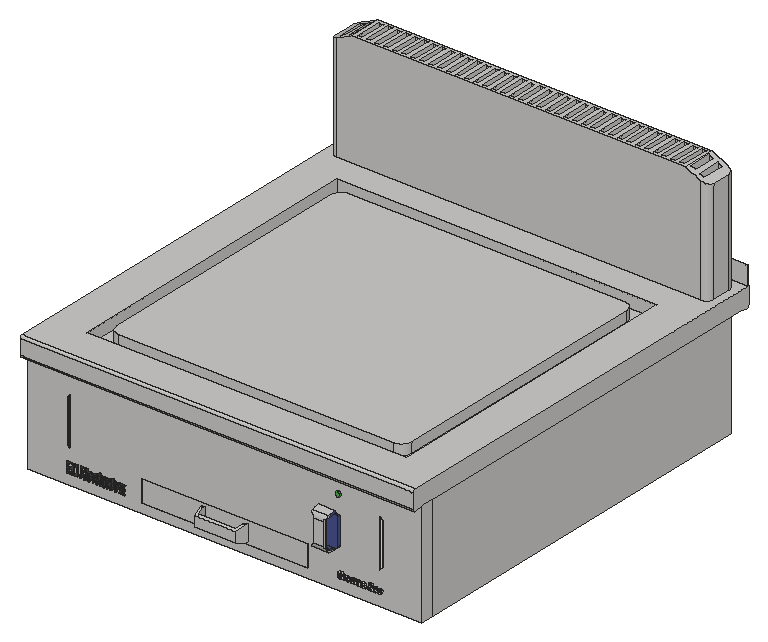
Revit family "QF_ELECTROLUXPROFESSIONAL_588504_MBLIBBHOPO", category Attrezzature speciali, Revit 2020
Family settings
  Quota connettore circolare = Usa diametro
  Tipo di parte = Normale
  Basato su piano di lavoro = No
  Sempre verticale = Sì
  Taglio con vuoti quando caricato = No
  Condiviso = No
  Punto di calcolo locali = No
Parameters (values of type "Standard")
  Weight = 120.00 kg
  Watts = 0 W
  Volts = 0 V
  URL Manufacturer = "https://www.electroluxprofessional.com/"
  URL = "https://www.electroluxprofessional.com/"
  Steam Supply Size = 0"
  Steam Supply Minimum Pressure = 0.00 psi
  Steam Supply Maximum Pressure = 0.00 psi
  Steam Consumption per Hour = 0
  Refrigeration Suction Line Size = 0 mm
  Refrigeration Liquid Line Size = 0 mm
  Refrigerant Compressor Remote = yes
  Prospetto di default = 0 mm
  Phase = 0
  Modello = "MBLIBBHOPO"
  Produttore = "Electrolux Professional"
  Length Actual = 800 mm  # constant formula
  Item Number = "588504"
  Hot Water Size = 0"
  Height Actual = 250 mm  # constant formula
  HP = "0 HP"
  Gas Size = 1/2"
  Gas KW = 10
  Gas Input Pressure = 0.336018 Btu/h
  Direct Waste Size = 0"
  Descrizione = "GAS FRENCH TOP,4 ZONE,1S,BS,800X850X250H"
  Depth Actual = 850 mm  # constant formula
  Cycle = 0 Hz
  Condensate Return Size = 0"
  Compressed Air Volume = 0 GPM
  Compressed Air Size = 0"
  Compressed Air Pressure = 0.00 psi
  Cold Water Size = 0"
  Accessory = yes
Reference planes
  plane 1 "BACK": y = 0
  plane 2: z = 0
  plane 3 "LEFT": x = 0
  plane 4 "RIGHT": x = 800
  plane 5 "FRONT": y = -850
  plane 6 "TOP": z = 900
  plane 7 "Center (Left/Right)": x = 400
  plane 8: y = -425
  plane 9: y = -150
  plane 10: x = 75
  plane 11: x = 725
  plane 12: y = -140
  plane 13: y = -775
  plane 14 "GasY": y = -540
  plane 15: z = 938
  plane 16 "BaseTop": z = 650
  plane 17: y = -805
  plane 18 "Camino": y = -50
  plane 19: x = 764
  plane 20: z = 1131
Forms (mm)
  Extrusion 1, solid, material "QF_Finishes_Stainless Steel"
    sketch origin (-178.969, -4572, 100) x (-1, 0, 0) y (0, -1, 0)
      loop
        line (-178.969, -4527) -> (-178.969, -3767) -> (-978.969, -3767) -> (-978.969, -4527) -> (-178.969, -4527)
    from 550 to 762.969
  Extrusion 2, solid, material "QF_Finishes_Stainless Steel"
    sketch origin (400, 296.4, 1219.2) x (0, 1, 0) y (0, 0, 1)
      loop
        line (-296.4, -319.2) -> (-1141.4, -319.2)
        arc (-1141.4, -319.2) -> (-1144.935, -320.664) -> (-1146.4, -324.2) r 5
        line (-1146.4, -324.2) -> (-1146.4, -355.2)
        arc (-1146.4, -355.2) -> (-1144.971, -358.264) -> (-1141.705, -359.139) r 4
        line (-1141.705, -359.139) -> (-1126.4, -356.231) -> (-316.4, -356.231) -> (-301.094, -359.139)
        arc (-301.094, -359.139) -> (-297.829, -358.264) -> (-296.4, -355.2) r 4
        line (-296.4, -355.2) -> (-296.4, -319.2)
    from -400 to 400
  Extrusion 3, solid, material "QF_Finishes_Stainless Steel"
    sketch origin (0, 0, 900) x (-1, 0, 0) y (0, -1, 0)
      loop
        arc (-120, 165) -> (-105.858, 170.858) -> (-100, 185) r 20
        line (-100, 185) -> (-100, 730)
        arc (-100, 730) -> (-105.858, 744.142) -> (-120, 750) r 20
        line (-120, 750) -> (-680, 750)
        arc (-680, 750) -> (-694.142, 744.142) -> (-700, 730) r 20
        line (-700, 730) -> (-700, 185)
        arc (-700, 185) -> (-694.142, 170.858) -> (-680, 165) r 20
        line (-680, 165) -> (-120, 165)
    from 0 to -20
  Extrusion 4, void
    sketch origin (0, 0, 900) x (-1, 0, 0) y (0, -1, 0)
      loop
        line (-75, 775) -> (-725, 775) -> (-725, 140) -> (-75, 140) -> (-75, 775)
    from 0 to -25
  Extrusion 5, solid, material "QF_Finishes_Stainless Steel"
    sketch origin (400, 296.4, 1219.2) x (0, 1, 0) y (0, 0, 1)
      loop
        line (-296.4, -319.2) -> (-296.4, -281.2) -> (-298.4, -281.2) -> (-298.4, -319.2) -> (-296.4, -319.2)
    from 400 to -400
  Extrusion 6, solid, material "QF_Finishes_Stainless Steel"
    sketch origin (0, -50, 0) x (1, 0, 0) y (0, 0, 1)
      loop
        line (15, 900) -> (785, 900) -> (785, 1109.869) -> (739.685, 1131) -> (60.315, 1131) -> (15, 1109.869) -> (15, 900)
    from 33 to -33
  Extrusion 7, void
    sketch origin (0, 0, 900) x (-1, 0, 0) y (0, -1, 0)
      loop
        line (-15, 83) -> (-30, 83)
        arc (-30, 83) -> (-19.393, 78.607) -> (-15, 68) r 15
        line (-15, 68) -> (-15, 83)
      loop
        line (-15, 17) -> (-15, 32)
        arc (-15, 32) -> (-19.393, 21.393) -> (-30, 17) r 15
        line (-30, 17) -> (-15, 17)
      loop
        line (-785, 83) -> (-785, 68)
        arc (-785, 68) -> (-780.607, 78.607) -> (-770, 83) r 15
        line (-770, 83) -> (-785, 83)
      loop
        line (-785, 17) -> (-770, 17)
        arc (-770, 17) -> (-780.607, 21.393) -> (-785, 32) r 15
        line (-785, 32) -> (-785, 17)
      loop
        line (-413.234, 23) -> (-413.234, 77) -> (-423.234, 77) -> (-423.234, 23) -> (-413.234, 23)
      loop
        line (-395, 23) -> (-395, 77) -> (-405, 77) -> (-405, 23) -> (-395, 23)
      loop
        line (-431.469, 23) -> (-431.469, 77) -> (-441.469, 77) -> (-441.469, 23) -> (-431.469, 23)
      loop
        line (-449.703, 23) -> (-449.703, 77) -> (-459.703, 77) -> (-459.703, 23) -> (-449.703, 23)
      loop
        line (-467.938, 23) -> (-467.938, 77) -> (-477.938, 77) -> (-477.938, 23) -> (-467.938, 23)
      loop
        line (-486.172, 23) -> (-486.172, 77) -> (-496.172, 77) -> (-496.172, 23) -> (-486.172, 23)
      loop
        line (-504.406, 23) -> (-504.406, 77) -> (-514.406, 77) -> (-514.406, 23) -> (-504.406, 23)
      loop
        line (-522.641, 23) -> (-522.641, 77) -> (-532.641, 77) -> (-532.641, 23) -> (-522.641, 23)
      loop
        line (-540.875, 23) -> (-540.875, 77) -> (-550.875, 77) -> (-550.875, 23) -> (-540.875, 23)
      loop
        line (-559.109, 23) -> (-559.109, 77) -> (-569.109, 77) -> (-569.109, 23) -> (-559.109, 23)
      loop
        line (-577.344, 23) -> (-577.344, 77) -> (-587.344, 77) -> (-587.344, 23) -> (-577.344, 23)
      loop
        line (-595.578, 23) -> (-595.578, 77) -> (-605.578, 77) -> (-605.578, 23) -> (-595.578, 23)
      loop
        line (-613.813, 23) -> (-613.813, 77) -> (-623.813, 77) -> (-623.813, 23) -> (-613.813, 23)
      loop
        line (-632.047, 23) -> (-632.047, 77) -> (-642.047, 77) -> (-642.047, 23) -> (-632.047, 23)
      loop
        line (-650.281, 23) -> (-650.281, 77) -> (-660.281, 77) -> (-660.281, 23) -> (-650.281, 23)
      loop
        line (-668.516, 23) -> (-668.516, 77) -> (-678.516, 77) -> (-678.516, 23) -> (-668.516, 23)
      loop
        line (-686.75, 23) -> (-686.75, 77) -> (-696.75, 77) -> (-696.75, 23) -> (-686.75, 23)
      loop
        line (-704.985, 23) -> (-704.985, 77) -> (-714.985, 77) -> (-714.985, 23) -> (-704.985, 23)
      loop
        line (-723.219, 23) -> (-723.219, 77) -> (-733.219, 77) -> (-733.219, 23) -> (-723.219, 23)
      loop
        line (-741.453, 26) -> (-741.453, 74) -> (-751.453, 74) -> (-751.453, 26) -> (-741.453, 26)
      loop
        line (-759.688, 26) -> (-759.688, 74) -> (-769.688, 74) -> (-769.688, 26) -> (-759.688, 26)
      loop
        line (-386.766, 23) -> (-376.766, 23) -> (-376.766, 77) -> (-386.766, 77) -> (-386.766, 23)
      loop
        line (-368.531, 23) -> (-358.531, 23) -> (-358.531, 77) -> (-368.531, 77) -> (-368.531, 23)
      loop
        line (-350.297, 23) -> (-340.297, 23) -> (-340.297, 77) -> (-350.297, 77) -> (-350.297, 23)
      loop
        line (-332.062, 23) -> (-322.062, 23) -> (-322.062, 77) -> (-332.062, 77) -> (-332.062, 23)
      loop
        line (-313.828, 23) -> (-303.828, 23) -> (-303.828, 77) -> (-313.828, 77) -> (-313.828, 23)
      loop
        line (-295.594, 23) -> (-285.594, 23) -> (-285.594, 77) -> (-295.594, 77) -> (-295.594, 23)
      loop
        line (-277.359, 23) -> (-267.359, 23) -> (-267.359, 77) -> (-277.359, 77) -> (-277.359, 23)
      loop
        line (-259.125, 23) -> (-249.125, 23) -> (-249.125, 77) -> (-259.125, 77) -> (-259.125, 23)
      loop
        line (-240.891, 23) -> (-230.891, 23) -> (-230.891, 77) -> (-240.891, 77) -> (-240.891, 23)
      loop
        line (-222.656, 23) -> (-212.656, 23) -> (-212.656, 77) -> (-222.656, 77) -> (-222.656, 23)
      loop
        line (-204.422, 23) -> (-194.422, 23) -> (-194.422, 77) -> (-204.422, 77) -> (-204.422, 23)
      loop
        line (-186.187, 23) -> (-176.187, 23) -> (-176.187, 77) -> (-186.187, 77) -> (-186.187, 23)
      loop
        line (-167.953, 23) -> (-157.953, 23) -> (-157.953, 77) -> (-167.953, 77) -> (-167.953, 23)
      loop
        line (-149.719, 23) -> (-139.719, 23) -> (-139.719, 77) -> (-149.719, 77) -> (-149.719, 23)
      loop
        line (-131.484, 23) -> (-121.484, 23) -> (-121.484, 77) -> (-131.484, 77) -> (-131.484, 23)
      loop
        line (-113.25, 23) -> (-103.25, 23) -> (-103.25, 77) -> (-113.25, 77) -> (-113.25, 23)
      loop
        line (-95.015, 23) -> (-85.015, 23) -> (-85.015, 77) -> (-95.015, 77) -> (-95.015, 23)
      loop
        line (-76.781, 23) -> (-66.781, 23) -> (-66.781, 77) -> (-76.781, 77) -> (-76.781, 23)
      loop
        line (-58.547, 26) -> (-48.547, 26) -> (-48.547, 74) -> (-58.547, 74) -> (-58.547, 26)
      loop
        line (-40.312, 26) -> (-30.312, 26) -> (-30.312, 74) -> (-40.312, 74) -> (-40.312, 26)
    from 231 to 0
  Extrusion 8, solid, material "QF_Finishes_Stainless Steel"
    sketch origin (0, 0, 650) x (-1, 0, 0) y (0, -1, 0)
      loop
        circle (-764, 540) r 10.1
    from 0 to -10
Cuts and joins
  Extrusion 4 cuts Extrusion 2
  Extrusion 7 cuts Extrusion 6
Lines and regions (mm)
  symbolic lines
    curve 1: line (0, 0, 100) -> (800, 0, 100)
    curve 2: line (0, -850, 100) -> (0, 0, 100)
    curve 3: line (800, -850, 100) -> (0, -850, 100)
    curve 4: line (800, 0, 100) -> (800, -850, 100)
    curve 5: line (75, -775, 0) -> (725, -775, 0)
    curve 6: line (725, -775, 0) -> (725, -140, 0)
    curve 7: line (725, -140, 0) -> (75, -140, 0)
    curve 8: line (75, -140, 0) -> (75, -775, 0)
    curve 9: line (0, -2, 0) -> (800, -2, 0)
    curve 13: line (30, -83, 650) -> (770, -83, 650)
    curve 14: line (770, -17, 650) -> (30, -17, 650)
    curve 15: arc (15, -32, 650) -> (19.393, -21.393, 650) -> (30, -17, 650) r 15
    curve 16: line (15, -32, 650) -> (15, -68, 650)
    curve 17: arc (30, -83, 650) -> (19.393, -78.607, 650) -> (15, -68, 650) r 15
    curve 18: arc (785, -68, 650) -> (780.607, -78.607, 650) -> (770, -83, 650) r 15
    curve 19: line (785, -68, 650) -> (785, -32, 650)
    curve 20: arc (770, -17, 650) -> (780.607, -21.393, 650) -> (785, -32, 650) r 15
    curve 21: line (30.312, -26, 650) -> (30.312, -74, 650)
    curve 22: line (40.312, -26, 650) -> (30.312, -26, 650)
    curve 23: line (30.312, -74, 650) -> (40.312, -74, 650)
    curve 24: line (40.312, -74, 650) -> (40.312, -26, 650)
    curve 25: line (48.547, -74, 650) -> (58.547, -74, 650)
    curve 26: line (48.547, -26, 650) -> (48.547, -74, 650)
    curve 27: line (58.547, -26, 650) -> (48.547, -26, 650)
    curve 28: line (58.547, -74, 650) -> (58.547, -26, 650)
    curve 29: line (66.781, -23, 650) -> (66.781, -77, 650)
    curve 30: line (66.781, -23, 650) -> (76.781, -23, 650)
    curve 31: line (76.781, -23, 650) -> (76.781, -77, 650)
    curve 32: line (76.781, -77, 650) -> (66.781, -77, 650)
    curve 33: line (85.015, -23, 650) -> (85.015, -77, 650)
    curve 34: line (85.015, -23, 650) -> (95.015, -23, 650)
    curve 35: line (95.015, -23, 650) -> (95.015, -77, 650)
    curve 36: line (95.015, -77, 650) -> (85.015, -77, 650)
    curve 37: line (103.25, -23, 650) -> (103.25, -77, 650)
    curve 38: line (103.25, -23, 650) -> (113.25, -23, 650)
    curve 39: line (113.25, -23, 650) -> (113.25, -77, 650)
    curve 40: line (113.25, -77, 650) -> (103.25, -77, 650)
    curve 41: line (121.484, -23, 650) -> (121.484, -77, 650)
    curve 42: line (121.484, -23, 650) -> (131.484, -23, 650)
    curve 43: line (131.484, -23, 650) -> (131.484, -77, 650)
    curve 44: line (131.484, -77, 650) -> (121.484, -77, 650)
    curve 45: line (139.719, -23, 650) -> (139.719, -77, 650)
    curve 46: line (139.719, -23, 650) -> (149.719, -23, 650)
    curve 47: line (149.719, -23, 650) -> (149.719, -77, 650)
    curve 48: line (149.719, -77, 650) -> (139.719, -77, 650)
    curve 49: line (157.953, -23, 650) -> (157.953, -77, 650)
    curve 50: line (157.953, -23, 650) -> (167.953, -23, 650)
    curve 51: line (167.953, -23, 650) -> (167.953, -77, 650)
    curve 52: line (167.953, -77, 650) -> (157.953, -77, 650)
    curve 53: line (176.187, -23, 650) -> (176.187, -77, 650)
    curve 54: line (176.187, -23, 650) -> (186.187, -23, 650)
    curve 55: line (186.187, -23, 650) -> (186.187, -77, 650)
    curve 56: line (186.187, -77, 650) -> (176.187, -77, 650)
    curve 57: line (194.422, -23, 650) -> (194.422, -77, 650)
    curve 58: line (194.422, -23, 650) -> (204.422, -23, 650)
    curve 59: line (204.422, -23, 650) -> (204.422, -77, 650)
    curve 60: line (204.422, -77, 650) -> (194.422, -77, 650)
    curve 61: line (212.656, -23, 650) -> (212.656, -77, 650)
    curve 62: line (212.656, -23, 650) -> (222.656, -23, 650)
    curve 63: line (222.656, -23, 650) -> (222.656, -77, 650)
    curve 64: line (222.656, -77, 650) -> (212.656, -77, 650)
    curve 65: line (230.891, -23, 650) -> (230.891, -77, 650)
    curve 66: line (230.891, -23, 650) -> (240.891, -23, 650)
    curve 67: line (240.891, -23, 650) -> (240.891, -77, 650)
    curve 68: line (240.891, -77, 650) -> (230.891, -77, 650)
    curve 69: line (249.125, -23, 650) -> (249.125, -77, 650)
    curve 70: line (249.125, -23, 650) -> (259.125, -23, 650)
    curve 71: line (259.125, -23, 650) -> (259.125, -77, 650)
    curve 72: line (259.125, -77, 650) -> (249.125, -77, 650)
    curve 73: line (267.359, -23, 650) -> (267.359, -77, 650)
    curve 74: line (267.359, -23, 650) -> (277.359, -23, 650)
    curve 75: line (277.359, -23, 650) -> (277.359, -77, 650)
    curve 76: line (277.359, -77, 650) -> (267.359, -77, 650)
    curve 77: line (285.594, -23, 650) -> (285.594, -77, 650)
    curve 78: line (285.594, -23, 650) -> (295.594, -23, 650)
    curve 79: line (295.594, -23, 650) -> (295.594, -77, 650)
    curve 80: line (295.594, -77, 650) -> (285.594, -77, 650)
    curve 81: line (303.828, -23, 650) -> (303.828, -77, 650)
    curve 82: line (303.828, -23, 650) -> (313.828, -23, 650)
    curve 83: line (313.828, -23, 650) -> (313.828, -77, 650)
    curve 84: line (313.828, -77, 650) -> (303.828, -77, 650)
    curve 85: line (322.062, -23, 650) -> (322.062, -77, 650)
    curve 86: line (322.062, -23, 650) -> (332.062, -23, 650)
    curve 87: line (332.062, -23, 650) -> (332.062, -77, 650)
    curve 88: line (332.062, -77, 650) -> (322.062, -77, 650)
    curve 89: line (340.297, -23, 650) -> (340.297, -77, 650)
    curve 90: line (340.297, -23, 650) -> (350.297, -23, 650)
    curve 91: line (350.297, -23, 650) -> (350.297, -77, 650)
    curve 92: line (350.297, -77, 650) -> (340.297, -77, 650)
    curve 93: line (358.531, -23, 650) -> (358.531, -77, 650)
    curve 94: line (358.531, -23, 650) -> (368.531, -23, 650)
    curve 95: line (368.531, -23, 650) -> (368.531, -77, 650)
    curve 96: line (368.531, -77, 650) -> (358.531, -77, 650)
    curve 97: line (376.766, -23, 650) -> (376.766, -77, 650)
    curve 98: line (376.766, -23, 650) -> (386.766, -23, 650)
    curve 99: line (386.766, -23, 650) -> (386.766, -77, 650)
    curve 100: line (386.766, -77, 650) -> (376.766, -77, 650)
    curve 101: line (395, -23, 650) -> (395, -77, 650)
    curve 102: line (395, -23, 650) -> (405, -23, 650)
    curve 103: line (405, -23, 650) -> (405, -77, 650)
    curve 104: line (405, -77, 650) -> (395, -77, 650)
    curve 105: line (413.234, -23, 650) -> (413.234, -77, 650)
    curve 106: line (413.234, -23, 650) -> (423.234, -23, 650)
    curve 107: line (423.234, -23, 650) -> (423.234, -77, 650)
    curve 108: line (423.234, -77, 650) -> (413.234, -77, 650)
    curve 109: line (431.469, -23, 650) -> (431.469, -77, 650)
    curve 110: line (431.469, -23, 650) -> (441.469, -23, 650)
    curve 111: line (441.469, -23, 650) -> (441.469, -77, 650)
    curve 112: line (441.469, -77, 650) -> (431.469, -77, 650)
    curve 113: line (449.703, -23, 650) -> (449.703, -77, 650)
    curve 114: line (449.703, -23, 650) -> (459.703, -23, 650)
    curve 115: line (459.703, -23, 650) -> (459.703, -77, 650)
    curve 116: line (459.703, -77, 650) -> (449.703, -77, 650)
    curve 117: line (467.938, -23, 650) -> (467.938, -77, 650)
    curve 118: line (467.938, -23, 650) -> (477.938, -23, 650)
    curve 119: line (477.938, -23, 650) -> (477.938, -77, 650)
    curve 120: line (477.938, -77, 650) -> (467.938, -77, 650)
    curve 121: line (486.172, -23, 650) -> (486.172, -77, 650)
    curve 122: line (486.172, -23, 650) -> (496.172, -23, 650)
    curve 123: line (496.172, -23, 650) -> (496.172, -77, 650)
    curve 124: line (496.172, -77, 650) -> (486.172, -77, 650)
    curve 125: line (504.406, -23, 650) -> (504.406, -77, 650)
    curve 126: line (504.406, -23, 650) -> (514.406, -23, 650)
    curve 127: line (514.406, -23, 650) -> (514.406, -77, 650)
    curve 128: line (514.406, -77, 650) -> (504.406, -77, 650)
    curve 129: line (522.641, -23, 650) -> (522.641, -77, 650)
    curve 130: line (522.641, -23, 650) -> (532.641, -23, 650)
    curve 131: line (532.641, -23, 650) -> (532.641, -77, 650)
    curve 132: line (532.641, -77, 650) -> (522.641, -77, 650)
    curve 133: line (540.875, -23, 650) -> (540.875, -77, 650)
    curve 134: line (540.875, -23, 650) -> (550.875, -23, 650)
    curve 135: line (550.875, -23, 650) -> (550.875, -77, 650)
    curve 136: line (550.875, -77, 650) -> (540.875, -77, 650)
    curve 137: line (559.109, -23, 650) -> (559.109, -77, 650)
    curve 138: line (559.109, -23, 650) -> (569.109, -23, 650)
    curve 139: line (569.109, -23, 650) -> (569.109, -77, 650)
    curve 140: line (569.109, -77, 650) -> (559.109, -77, 650)
    curve 141: line (577.344, -23, 650) -> (577.344, -77, 650)
    curve 142: line (577.344, -23, 650) -> (587.344, -23, 650)
    curve 143: line (587.344, -23, 650) -> (587.344, -77, 650)
    curve 144: line (587.344, -77, 650) -> (577.344, -77, 650)
    curve 145: line (595.578, -23, 650) -> (595.578, -77, 650)
    curve 146: line (595.578, -23, 650) -> (605.578, -23, 650)
    curve 147: line (605.578, -23, 650) -> (605.578, -77, 650)
    curve 148: line (605.578, -77, 650) -> (595.578, -77, 650)
    curve 149: line (613.813, -23, 650) -> (613.813, -77, 650)
    curve 150: line (613.813, -23, 650) -> (623.813, -23, 650)
    curve 151: line (623.813, -23, 650) -> (623.813, -77, 650)
    curve 152: line (623.813, -77, 650) -> (613.813, -77, 650)
    curve 153: line (632.047, -23, 650) -> (632.047, -77, 650)
    curve 154: line (632.047, -23, 650) -> (642.047, -23, 650)
    curve 155: line (642.047, -23, 650) -> (642.047, -77, 650)
    curve 156: line (642.047, -77, 650) -> (632.047, -77, 650)
    curve 157: line (650.281, -23, 650) -> (650.281, -77, 650)
    curve 158: line (650.281, -23, 650) -> (660.281, -23, 650)
    curve 159: line (660.281, -23, 650) -> (660.281, -77, 650)
    curve 160: line (660.281, -77, 650) -> (650.281, -77, 650)
    curve 161: line (668.516, -23, 650) -> (668.516, -77, 650)
    curve 162: line (668.516, -23, 650) -> (678.516, -23, 650)
    curve 163: line (678.516, -23, 650) -> (678.516, -77, 650)
    curve 164: line (678.516, -77, 650) -> (668.516, -77, 650)
    curve 165: line (686.75, -23, 650) -> (686.75, -77, 650)
    curve 166: line (686.75, -23, 650) -> (696.75, -23, 650)
    curve 167: line (696.75, -23, 650) -> (696.75, -77, 650)
    curve 168: line (696.75, -77, 650) -> (686.75, -77, 650)
    curve 169: line (704.985, -23, 650) -> (704.985, -77, 650)
    curve 170: line (704.985, -23, 650) -> (714.985, -23, 650)
    curve 171: line (714.985, -23, 650) -> (714.985, -77, 650)
    curve 172: line (714.985, -77, 650) -> (704.985, -77, 650)
    curve 173: line (723.219, -23, 650) -> (723.219, -77, 650)
    curve 174: line (723.219, -23, 650) -> (733.219, -23, 650)
    curve 175: line (733.219, -23, 650) -> (733.219, -77, 650)
    curve 176: line (733.219, -77, 650) -> (723.219, -77, 650)
    curve 177: line (741.453, -26, 650) -> (741.453, -74, 650)
    curve 178: line (741.453, -26, 650) -> (751.453, -26, 650)
    curve 179: line (751.453, -26, 650) -> (751.453, -74, 650)
    curve 180: line (751.453, -74, 650) -> (741.453, -74, 650)
    curve 181: line (759.688, -26, 650) -> (759.688, -74, 650)
    curve 182: line (759.688, -26, 650) -> (769.688, -26, 650)
    curve 183: line (769.688, -26, 650) -> (769.688, -74, 650)
    curve 184: line (769.688, -74, 650) -> (759.688, -74, 650)
    curve 185: arc (120, -165, 650) -> (105.858, -170.858, 650) -> (100, -185, 650) r 20
    curve 186: line (680, -165, 650) -> (120, -165, 650)
    curve 187: line (100, -185, 650) -> (100, -730, 650)
    curve 188: arc (100, -730, 650) -> (105.858, -744.142, 650) -> (120, -750, 650) r 20
    curve 189: line (120, -750, 650) -> (680, -750, 650)
    curve 190: line (700, -730, 650) -> (700, -185, 650)
    curve 191: arc (680, -750, 650) -> (694.142, -744.142, 650) -> (700, -730, 650) r 20
    curve 192: arc (700, -185, 650) -> (694.142, -170.858, 650) -> (680, -165, 650) r 20
  model lines
    curve 10: line (400, -165, 900) -> (400, -372.5, 900)
    curve 11: circle (400, -457.5, 900) r 85 normal (0, 0, 1)
    curve 12: line (400, -542.5, 900) -> (400, -750, 900)
Dimensions and locks
  plane 3 "LEFT" to plane 4 "RIGHT" = 800 mm
  locked: plane 5 "FRONT" to plane 1 "BACK" at 850
  plane 3 "LEFT" to plane 7 "Center (Left/Right)" to plane 4 "RIGHT" = 400 mm, 400 mm
  equal spacing: plane 5 "FRONT", plane 8, plane 1 "BACK"
  plane 6 "TOP" to level = 900 mm  (x2)
  plane 1 "BACK" to plane 9 = 150 mm
  plane 14 "GasY" to plane 1 "BACK" = 540 mm
  plane 15 to plane 6 "TOP" = 38 mm
  plane 12 to plane 1 "BACK" = 140 mm
  plane 5 "FRONT" to plane 13 = 75 mm
  plane 3 "LEFT" to plane 10 = 75 mm
  plane 11 to plane 4 "RIGHT" = 75 mm
  locked: plane 6 "TOP" to plane 16 "BaseTop" at 250
  locked: plane 17 to plane 5 "FRONT" at 45
  plane 18 "Camino" to plane 1 "BACK" = 50 mm
  plane 19 to plane 4 "RIGHT" = 36 mm
  plane 20 to plane 6 "TOP" = 231 mm
  aligned and locked: level to plane 2
  aligned and locked: cut or joined group of Extrusion 2, Extrusion 4 to plane 3 "LEFT"
  aligned and locked: cut or joined group of Extrusion 2, Extrusion 4 to plane 4 "RIGHT"
  aligned and locked: Extrusion 4 sketch curve to plane 10
  aligned and locked: plane 12 to Extrusion 4 sketch curve
  aligned and locked: plane 11 to Extrusion 4 sketch curve
  aligned and locked: Extrusion 4 sketch curve to plane 13
  aligned and locked: nested 1 to plane 17
  aligned and locked: Extrusion 1 to plane 17
  aligned and locked: Extrusion 5 to plane 3 "LEFT"
  aligned and locked: Extrusion 5 to plane 4 "RIGHT"
  aligned and locked: plane 3 "LEFT" to nested 1
Automatic sketch dimensions
  Extrusion 5 sketch curve to plane 6 "TOP" = 0 mm
  Extrusion 5 sketch curve to plane 15 = 0 mm
  Extrusion 5 sketch curve to plane 1 "BACK" = 0 mm
  Extrusion 5 sketch curve to Extrusion 5 sketch curve = 2 mm
  plane 11 to Extrusion 3 sketch curve = 25 mm
  Extrusion 3 sketch curve to Extrusion 3 sketch curve = 20 mm  (x4)
  Extrusion 3 sketch curve to plane 9 = 35 mm
  Extrusion 3 sketch curve to plane 10 = 45 mm
  Extrusion 3 sketch curve to plane 13 = 45 mm
  Extrusion 8 sketch curve to plane 14 "GasY" = 0 mm
  Extrusion 8 sketch curve to plane 19 = 0 mm
  Extrusion 2 sketch curve to plane 5 "FRONT" = 0 mm
  Extrusion 2 sketch curve to plane 6 "TOP" = 0 mm
  Extrusion 2 sketch curve to plane 1 "BACK" = 0 mm
  Extrusion 2 sketch curve to Extrusion 2 sketch curve = 4 mm
  Extrusion 2 sketch curve to Extrusion 2 sketch curve = 0.695 mm
  Extrusion 2 sketch curve to plane 5 "FRONT" = 5 mm
  Extrusion 2 sketch curve to Extrusion 2 sketch curve = 15.305 mm
  plane 1 "BACK" to Extrusion 2 sketch curve = 20 mm
  plane 1 "BACK" to Extrusion 2 sketch curve = 4.695 mm
  plane 1 "BACK" to Extrusion 2 sketch curve = 4 mm
  Extrusion 2 sketch curve to Extrusion 2 sketch curve = 31 mm
  Extrusion 2 sketch curve to Extrusion 2 sketch curve = 36 mm
  Extrusion 2 sketch curve to Extrusion 2 sketch curve = 2.909 mm
  curve 9 to plane 3 "LEFT" = 0 mm
  curve 5 to plane 10 = 0 mm
  curve 6 to plane 11 = 0 mm
  curve 9 to plane 4 "RIGHT" = 0 mm
  plane 13 to curve 5 = 0 mm
  plane 12 to curve 7 = 0 mm
  plane 1 "BACK" to curve 9 = 2 mm
  Extrusion 1 sketch curve to plane 4 "RIGHT" = 0 mm
  Extrusion 1 sketch curve to plane 3 "LEFT" = 0 mm
  Extrusion 1 sketch curve to plane 17 = 0 mm
  Extrusion 1 sketch curve to plane 18 "Camino" = 5 mm
  plane 1 "BACK" to curve 1 = 0 mm
  curve 1 to plane 4 "RIGHT" = 0 mm
  curve 3 to plane 3 "LEFT" = 0 mm
  plane 5 "FRONT" to curve 3 = 0 mm
  Extrusion 6 sketch curve to plane 6 "TOP" = 0 mm
  plane 3 "LEFT" to Extrusion 6 sketch curve = 15 mm
  plane 10 to Extrusion 6 sketch curve = 14.685 mm
  Extrusion 6 sketch curve to plane 11 = 14.685 mm
  plane 4 "RIGHT" to Extrusion 6 sketch curve = 15 mm
  plane 15 to Extrusion 6 sketch curve = 171.869 mm  (x2)
  Extrusion 6 sketch curve to Extrusion 6 sketch curve = 21.131 mm
  plane 4 "RIGHT" to Extrusion 7 sketch curve = 15 mm  (x2)
  plane 19 to Extrusion 7 sketch curve = 6 mm  (x2)
  plane 19 to Extrusion 7 sketch curve = 5.688 mm
  Extrusion 7 sketch curve to plane 19 = 4.312 mm
  Extrusion 7 sketch curve to Extrusion 7 sketch curve = 8.234 mm  (x37)
  Extrusion 7 sketch curve to Extrusion 7 sketch curve = 10 mm  (x37)
  Extrusion 7 sketch curve to plane 11 = 8.219 mm
  plane 11 to Extrusion 7 sketch curve = 1.781 mm
  plane 7 "Center (Left/Right)" to Extrusion 7 sketch curve = 5 mm
  Extrusion 7 sketch curve to plane 7 "Center (Left/Right)" = 5 mm
  Extrusion 7 sketch curve to plane 10 = 1.781 mm
  plane 10 to Extrusion 7 sketch curve = 8.219 mm
  Extrusion 7 sketch curve to Extrusion 7 sketch curve = 0.312 mm  (x2)
  plane 3 "LEFT" to Extrusion 7 sketch curve = 15 mm  (x2)
  plane 1 "BACK" to Extrusion 7 sketch curve = 17 mm  (x2)
  plane 1 "BACK" to Extrusion 7 sketch curve = 23 mm  (x5)
  Extrusion 7 sketch curve to Extrusion 7 sketch curve = 0 mm  (x69)
  Extrusion 7 sketch curve to Extrusion 7 sketch curve = 6 mm  (x3)
  Extrusion 7 sketch curve to Extrusion 7 sketch curve = 3 mm  (x2)
  plane 18 "Camino" to Extrusion 7 sketch curve = 18 mm  (x2)
  plane 18 "Camino" to Extrusion 7 sketch curve = 24 mm
  plane 18 "Camino" to Extrusion 7 sketch curve = 27 mm  (x2)
  plane 19 to curve 14 = 6 mm
  plane 19 to curve 13 = 6 mm
  plane 19 to curve 183 = 5.688 mm
  curve 184 to plane 19 = 4.312 mm
  curve 181 to curve 180 = 8.234 mm
  curve 178 to curve 178 = 10 mm
  curve 174 to plane 11 = 8.219 mm
  plane 11 to curve 174 = 1.781 mm
  curve 173 to curve 170 = 8.234 mm
  curve 171 to curve 172 = 10 mm
  curve 169 to curve 168 = 8.234 mm
  curve 166 to curve 166 = 10 mm
  curve 165 to curve 162 = 8.234 mm
  curve 162 to curve 162 = 10 mm
  curve 161 to curve 158 = 8.234 mm
  curve 159 to curve 160 = 10 mm
  curve 157 to curve 156 = 8.234 mm
  curve 154 to curve 154 = 10 mm
  curve 153 to curve 150 = 8.234 mm
  curve 150 to curve 150 = 10 mm
  curve 149 to curve 146 = 8.234 mm
  curve 147 to curve 148 = 10 mm
  curve 145 to curve 144 = 8.234 mm
  curve 142 to curve 142 = 10 mm
  curve 141 to curve 138 = 8.234 mm
  curve 138 to curve 138 = 10 mm
  curve 137 to curve 134 = 8.234 mm
  curve 135 to curve 136 = 10 mm
  curve 133 to curve 132 = 8.234 mm
  curve 130 to curve 130 = 10 mm
  curve 129 to curve 126 = 8.234 mm
  curve 126 to curve 126 = 10 mm
  curve 125 to curve 122 = 8.234 mm
  curve 123 to curve 124 = 10 mm
  curve 121 to curve 120 = 8.234 mm
  curve 118 to curve 118 = 10 mm
  curve 117 to curve 114 = 8.234 mm
  curve 114 to curve 114 = 10 mm
  curve 113 to curve 110 = 8.234 mm
  curve 111 to curve 112 = 10 mm
  curve 109 to curve 108 = 8.234 mm
  curve 107 to curve 108 = 10 mm
  plane 7 "Center (Left/Right)" to curve 103 = 5 mm
  curve 102 to plane 7 "Center (Left/Right)" = 5 mm
  curve 101 to curve 99 = 8.234 mm
  curve 98 to curve 98 = 10 mm
  curve 97 to curve 94 = 8.234 mm
  curve 94 to curve 94 = 10 mm
  curve 93 to curve 90 = 8.234 mm
  curve 91 to curve 92 = 10 mm
  curve 89 to curve 88 = 8.234 mm
  curve 87 to curve 88 = 10 mm
  curve 85 to curve 84 = 8.234 mm
  curve 83 to curve 84 = 10 mm
  curve 81 to curve 78 = 8.234 mm
  curve 78 to curve 78 = 10 mm
  curve 77 to curve 74 = 8.234 mm
  curve 74 to curve 74 = 10 mm
  curve 73 to curve 70 = 8.234 mm
  curve 71 to curve 72 = 10 mm
  curve 69 to curve 68 = 8.234 mm
  curve 67 to curve 68 = 10 mm
  curve 65 to curve 64 = 8.234 mm
  curve 63 to curve 64 = 10 mm
  curve 61 to curve 60 = 8.234 mm
  curve 59 to curve 60 = 10 mm
  curve 57 to curve 56 = 8.234 mm
  curve 55 to curve 56 = 10 mm
  curve 53 to curve 52 = 8.234 mm
  curve 51 to curve 52 = 10 mm
  curve 49 to curve 46 = 8.234 mm
  curve 46 to curve 46 = 10 mm
  curve 45 to curve 42 = 8.234 mm
  curve 43 to curve 44 = 10 mm
  curve 41 to curve 40 = 8.234 mm
  curve 38 to curve 38 = 10 mm
  curve 37 to curve 34 = 8.234 mm
  curve 34 to curve 34 = 10 mm
  curve 30 to plane 10 = 1.781 mm
  plane 10 to curve 32 = 8.219 mm
  curve 29 to curve 28 = 8.234 mm
  curve 27 to curve 26 = 10 mm
  curve 25 to curve 24 = 8.234 mm
  curve 22 to curve 22 = 10 mm
  curve 21 to curve 14 = 0.312 mm
  curve 21 to curve 17 = 0.312 mm
  curve 17 to curve 16 = 15 mm
  plane 1 "BACK" to curve 14 = 17 mm
  curve 20 to curve 183 = 9 mm
  curve 181 to curve 179 = 0 mm
  curve 175 to curve 177 = 3 mm
  plane 1 "BACK" to curve 99 = 23 mm
  curve 171 to curve 173 = 0 mm  (x2)
  curve 167 to curve 169 = 0 mm
  curve 163 to curve 165 = 0 mm  (x2)
  curve 159 to curve 161 = 0 mm
  plane 1 "BACK" to curve 29 = 23 mm
  curve 155 to curve 157 = 0 mm  (x2)
  curve 30 to curve 33 = 0 mm
  curve 151 to curve 153 = 0 mm  (x2)
  curve 34 to curve 37 = 0 mm
  curve 147 to curve 149 = 0 mm  (x2)
  curve 38 to curve 41 = 0 mm
  curve 143 to curve 145 = 0 mm  (x2)
  curve 42 to curve 45 = 0 mm
  curve 139 to curve 141 = 0 mm  (x2)
  curve 46 to curve 49 = 0 mm
  curve 135 to curve 137 = 0 mm  (x2)
  curve 50 to curve 53 = 0 mm
  curve 131 to curve 133 = 0 mm  (x2)
  curve 54 to curve 57 = 0 mm
  curve 127 to curve 129 = 0 mm  (x2)
  curve 58 to curve 61 = 0 mm
  curve 123 to curve 125 = 0 mm  (x2)
  curve 62 to curve 65 = 0 mm
  curve 119 to curve 121 = 0 mm  (x2)
  curve 66 to curve 69 = 0 mm
  curve 115 to curve 117 = 0 mm  (x2)
  curve 70 to curve 73 = 0 mm
  curve 111 to curve 113 = 0 mm  (x2)
  curve 74 to curve 77 = 0 mm
  curve 107 to curve 109 = 0 mm  (x2)
  curve 78 to curve 81 = 0 mm
  curve 103 to curve 105 = 0 mm
  curve 82 to curve 85 = 0 mm
  curve 86 to curve 89 = 0 mm
  curve 95 to curve 97 = 0 mm
  curve 22 to curve 15 = 6 mm
  curve 22 to curve 27 = 0 mm
  plane 18 "Camino" to curve 16 = 18 mm
  curve 17 to curve 21 = 6 mm
  curve 23 to curve 25 = 0 mm
  plane 18 "Camino" to curve 77 = 27 mm
  plane 18 "Camino" to curve 107 = 27 mm
  curve 76 to curve 77 = 0 mm
  curve 72 to curve 73 = 0 mm
  curve 68 to curve 69 = 0 mm
  curve 64 to curve 65 = 0 mm
  curve 60 to curve 61 = 0 mm
  curve 56 to curve 57 = 0 mm
  curve 52 to curve 53 = 0 mm
  curve 48 to curve 49 = 0 mm
  curve 99 to curve 105 = 0 mm
  curve 79 to curve 83 = 0 mm
  curve 44 to curve 45 = 0 mm
  curve 40 to curve 41 = 0 mm
  curve 36 to curve 37 = 0 mm
  curve 25 to curve 32 = 3 mm
  curve 83 to curve 85 = 0 mm
  curve 160 to curve 161 = 0 mm
  curve 99 to curve 104 = 0 mm
  curve 96 to curve 97 = 0 mm
  curve 168 to curve 169 = 0 mm
  curve 87 to curve 89 = 0 mm
  curve 177 to curve 176 = 3 mm
  curve 179 to curve 181 = 0 mm
  plane 4 "RIGHT" to curve 19 = 15 mm
  curve 10 to plane 7 "Center (Left/Right)" = 0 mm
  curve 11 to plane 7 "Center (Left/Right)" = 0 mm
  curve 12 to plane 7 "Center (Left/Right)" = 0 mm
  curve 11 to plane 8 = 32.5 mm
  plane 8 to curve 10 = 52.5 mm
  curve 10 to plane 9 = 15 mm
  curve 12 to plane 13 = 25 mm
  curve 186 to plane 9 = 15 mm
  curve 186 to plane 10 = 45 mm
  curve 186 to curve 185 = 20 mm
  curve 187 to plane 13 = 45 mm
  curve 188 to curve 188 = 20 mm
  plane 11 to curve 189 = 45 mm
  curve 190 to curve 191 = 20 mm
  curve 186 to curve 190 = 20 mm
  radius of Extrusion 8 sketch curve = 10.1 mm
Nested families
  nested 1: "Front_Panel_W800_One Knobs Right_Spie" at (202.376, -805, 0), type "Front_Panel_W800_One Knobs Right_Spie"
Connectors
  piping at (764, -540, 650), diameter 12.7, driven by "Gas Size"
    settings: on Extrusion 8, index 1, connector inside diameter 24", connector length 0 mm, flow factor 0, pipe flow 0 GPM, pressure drop 0.00 psi, fitting loss kfactor 0, connector angle 0.00°, fixture units 0, engagement length 0 mm, angle of deflection 0.00°, flow configuration 1, flow direction 1, fitting loss method 0, system type 7, joint type 0, gender type 0, connector reference index -1, connector utility 0, adjustable connector no, is connector primary yes, connector description "Gas Connection"
Definition of nested family "Front_Panel_W800_One Knobs Right_Spie"
  Parameters
    Default Elevation = 0 mm
  Reference planes
    plane 1 "Center (Front/Back)": y = 0
    plane 2: z = 0
    plane 3 "Center (Left/Right)": x = 197.624
    plane 4 "Left": x = -202.376
    plane 5 "Right": x = 597.624
    plane 6: y = -45
    plane 7: x = -12.376
    plane 8: x = 127.624
    plane 9: y = -310
    plane 10 "Panel": y = -25
    plane 11: x = 517.624
    plane 12: x = -122.376
  Forms (mm)
    Extrusion 1, solid
      sketch origin (833.217, 829.203, -1.25) x (0, 1, 0) y (0, 0, 1)
        loop
          line (-854.203, 651.25) -> (-829.203, 651.25) -> (-829.203, 864.25) -> (-854.203, 864.25) -> (-854.203, 651.25)
      from -1035.593 to -235.593
    Extrusion 2, void
      sketch origin (0, -25, -10) x (0, 0, 1) y (-1, 0, 0)
        loop
          line (731.866, 122.376) -> (726.866, 117.376) -> (823.866, 117.376) -> (818.866, 122.376) -> (731.866, 122.376)
        loop
          line (731.866, -517.624) -> (818.866, -517.624) -> (823.866, -512.624) -> (726.866, -512.624) -> (731.866, -517.624)
      from 0 to -2
    Extrusion 3, void
      sketch origin (0, 0, 0) x (1, 0, 0) y (0, 0, 1)
        loop
          line (28.624, 711.866) -> (28.624, 668.866) -> (366.624, 668.866) -> (366.624, 711.866) -> (28.624, 711.866)
      from 19.387 to 25
    Extrusion 4, solid
      sketch origin (440.724, -25, 1.163) x (0, 0, 1) y (-1, 0, 0)
        loop
          circle (824.337, 12.376) r 5
      from 0 to 1.7
    Extrusion 5, solid
      sketch origin (0, -25, -10) x (0, 0, 1) y (-1, 0, 0)
        loop
          line (731.866, 122.376) -> (726.866, 117.376) -> (823.866, 117.376) -> (818.866, 122.376) -> (731.866, 122.376)
        loop
          line (726.866, -512.624) -> (731.866, -517.624) -> (818.866, -517.624) -> (823.866, -512.624) -> (726.866, -512.624)
      from 0 to -2
    Extrusion 6, solid
      sketch origin (50, 0, 1) x (1, 0, 0) y (0, 0, 1)
        loop
          line (-21.376, 710.866) -> (-21.376, 667.866) -> (316.624, 667.866) -> (316.624, 710.866) -> (-21.376, 710.866)
      from 19.387 to 25
    Extrusion 7, solid
      sketch origin (50, 0, 1) x (1, 0, 0) y (0, 1, 0)
        loop
          line (106.059, -25) -> (100.966, -25) -> (105.646, -49.075) -> (189.603, -49.075) -> (194.283, -25) -> (189.189, -25) -> (185.481, -44.075) -> (109.767, -44.075) -> (106.059, -25)
      from 672.593 to 705.67
    Extrusion 8, void
      sketch origin (197.624, 0, 1) x (0, 1, 0) y (0, 0, 1)
        loop
          line (-30, 705.67) -> (-30, 710.67) -> (-56.744, 710.67) -> (-56.744, 667.593) -> (-30, 667.593) -> (-30, 672.593) -> (-53.776, 680.318) -> (-53.776, 697.945) -> (-30, 705.67)
      from -50 to 50
    Extrusion 9, solid, detail levels coarse
      sketch origin (50, -265, 1) x (1, 0, 0) y (0, 1, 0)
        loop
          line (106.164, -71.744) -> (189.084, -71.744) -> (194.283, -45) -> (316.624, -45) -> (316.624, 240) -> (-21.376, 240) -> (-21.376, -45) -> (100.966, -45) -> (106.164, -71.744)
      from 672.593 to 705.67
    Extrusion 10, void
      sketch origin (197.624, -280, 1) x (0, 1, 0) y (0, 0, 1)
        loop
          line (-30, 705.67) -> (-30, 710.67) -> (-56.744, 710.67) -> (-56.744, 667.593) -> (-30, 667.593) -> (-30, 672.593) -> (-53.776, 680.318) -> (-53.776, 697.945) -> (-30, 705.67)
      from -50 to 50
  Cuts and joins
    Extrusion 2, Extrusion 3 cuts Extrusion 1
    Extrusion 8 cuts Extrusion 7
    Extrusion 8, Extrusion 10 cuts Extrusion 9
  Lines and regions (mm)
    symbolic lines
      curve 1: line (31.124, -45, 0) -> (31.124, -310, 0)
      curve 2: line (31.124, -310, 0) -> (364.124, -310, 0)
      curve 3: line (364.124, -310, 0) -> (364.124, -45, 0)
      curve 4: line (31.124, -300, 0) -> (364.124, -300, 0)
      curve 5: line (150.908, -309.701, 0) -> (155.587, -333.776, 0)
      curve 6: line (155.587, -333.776, 0) -> (239.545, -333.776, 0)
      curve 7: line (239.545, -333.776, 0) -> (244.225, -309.701, 0)
      curve 8: line (156.001, -309.701, 0) -> (159.709, -328.776, 0)
      curve 9: line (159.709, -328.776, 0) -> (235.423, -328.776, 0)
      curve 10: line (235.423, -328.776, 0) -> (239.131, -309.701, 0)
  Dimensions and locks
    equal spacing: plane 5 "Right", plane 3 "Center (Left/Right)", plane 4 "Left"
    plane 5 "Right" to plane 4 "Left" = 800 mm
    plane 3 "Center (Left/Right)" to plane 7 = 210 mm
    plane 3 "Center (Left/Right)" to plane 8 = 70 mm
    plane 6 to plane 9 = 265 mm
    aligned and locked: cut or joined group of Extrusion 1, Extrusion 2, Extrusion 3 to plane 4 "Left"
    aligned and locked: plane 5 "Right" to cut or joined group of Extrusion 1, Extrusion 2, Extrusion 3
  Automatic sketch dimensions
    plane 6 to curve 1 = 0 mm
    curve 1 to plane 9 = 0 mm
    plane 6 to curve 3 = 0 mm
    plane 7 to curve 1 = 43.5 mm
    plane 9 to curve 4 = 10 mm
    Extrusion 1 sketch curve to plane 10 "Panel" = 0 mm
    Extrusion 1 sketch curve to plane 1 "Center (Front/Back)" = 0 mm
    Extrusion 2 sketch curve to plane 12 = 0 mm
    Extrusion 2 sketch curve to plane 11 = 0 mm
    Extrusion 2 sketch curve to plane 11 = 5 mm
    plane 12 to Extrusion 2 sketch curve = 5 mm
    Extrusion 2 sketch curve to Extrusion 2 sketch curve = 5 mm  (x4)
    plane 7 to Extrusion 3 sketch curve = 41 mm
    Extrusion 3 sketch curve to plane 11 = 151 mm
    Extrusion 3 sketch curve to Extrusion 3 sketch curve = 43 mm
    Extrusion 4 sketch curve to plane 11 = 89.276 mm
    Extrusion 5 sketch curve to plane 12 = 0 mm
    Extrusion 5 sketch curve to plane 11 = 0 mm
    plane 12 to Extrusion 5 sketch curve = 5 mm
    Extrusion 5 sketch curve to Extrusion 5 sketch curve = 5 mm  (x4)
    Extrusion 5 sketch curve to plane 11 = 5 mm
    level to Extrusion 1 sketch curve = 650 mm
    Extrusion 1 sketch curve to Extrusion 1 sketch curve = 213 mm
    level to Extrusion 2 sketch curve = 716.866 mm
    Extrusion 2 sketch curve to Extrusion 2 sketch curve = 0 mm
    Extrusion 2 sketch curve to Extrusion 2 sketch curve = 87 mm  (x2)
    level to Extrusion 3 sketch curve = 668.866 mm
    level to Extrusion 4 sketch curve = 825.5 mm
    level to Extrusion 5 sketch curve = 716.866 mm
    Extrusion 5 sketch curve to Extrusion 5 sketch curve = 0 mm
    Extrusion 5 sketch curve to Extrusion 5 sketch curve = 87 mm  (x2)
    plane 7 to Extrusion 6 sketch curve = 41 mm
    Extrusion 6 sketch curve to plane 11 = 151 mm
    level to Extrusion 6 sketch curve = 668.866 mm
    Extrusion 6 sketch curve to Extrusion 6 sketch curve = 43 mm
    plane 10 "Panel" to Extrusion 7 sketch curve = 0 mm  (x2)
    plane 8 to Extrusion 7 sketch curve = 23.342 mm
    plane 6 to Extrusion 7 sketch curve = 4.075 mm
    Extrusion 7 sketch curve to Extrusion 7 sketch curve = 4.68 mm
    Extrusion 7 sketch curve to Extrusion 7 sketch curve = 5.094 mm  (x2)
    Extrusion 7 sketch curve to plane 6 = 0.925 mm
    Extrusion 7 sketch curve to Extrusion 7 sketch curve = 4.122 mm  (x2)
    plane 3 "Center (Left/Right)" to Extrusion 7 sketch curve = 37.857 mm
    Extrusion 7 sketch curve to Extrusion 7 sketch curve = 3.708 mm
    plane 6 to Extrusion 8 sketch curve = 11.744 mm
    plane 6 to Extrusion 8 sketch curve = 8.776 mm
    plane 10 "Panel" to Extrusion 8 sketch curve = 5 mm  (x2)
    level to Extrusion 8 sketch curve = 668.593 mm
    Extrusion 8 sketch curve to Extrusion 8 sketch curve = 5 mm
    Extrusion 8 sketch curve to Extrusion 8 sketch curve = 12.725 mm  (x2)
    Extrusion 8 sketch curve to Extrusion 8 sketch curve = 17.627 mm
    Extrusion 8 sketch curve to Extrusion 8 sketch curve = 7.725 mm
    plane 10 "Panel" to Extrusion 9 sketch curve = 0 mm
    Extrusion 9 sketch curve to plane 9 = 0 mm  (x2)
    plane 7 to Extrusion 9 sketch curve = 41 mm
    plane 8 to Extrusion 9 sketch curve = 23.342 mm
    Extrusion 9 sketch curve to Extrusion 9 sketch curve = 5.199 mm  (x2)
    plane 3 "Center (Left/Right)" to Extrusion 9 sketch curve = 41.46 mm
    Extrusion 9 sketch curve to Extrusion 9 sketch curve = 122.342 mm
    Extrusion 9 sketch curve to plane 9 = 26.744 mm
    Extrusion 10 sketch curve to plane 9 = 0 mm  (x2)
    Extrusion 10 sketch curve to plane 9 = 23.776 mm
    Extrusion 10 sketch curve to Extrusion 10 sketch curve = 2.968 mm
    level to Extrusion 10 sketch curve = 668.593 mm
    Extrusion 10 sketch curve to Extrusion 10 sketch curve = 5 mm
    Extrusion 10 sketch curve to Extrusion 10 sketch curve = 12.725 mm  (x2)
    Extrusion 10 sketch curve to Extrusion 10 sketch curve = 17.627 mm
    Extrusion 10 sketch curve to Extrusion 10 sketch curve = 7.725 mm
    curve 3 to plane 11 = 153.5 mm
    plane 9 to curve 5 = 0.299 mm
    plane 8 to curve 5 = 23.283 mm
    curve 5 to curve 5 = 4.68 mm
    plane 9 to curve 8 = 0.299 mm
    curve 5 to curve 8 = 5.094 mm
    curve 5 to curve 9 = 4.122 mm
    plane 3 "Center (Left/Right)" to curve 9 = 37.799 mm
    curve 10 to plane 9 = 18.776 mm
    plane 9 to curve 10 = 0.299 mm
    curve 10 to curve 10 = 3.708 mm
    curve 10 to curve 7 = 4.122 mm
    plane 9 to curve 7 = 0.299 mm
    curve 10 to curve 7 = 5.094 mm
    curve 6 to curve 9 = 5 mm
    radius of Extrusion 4 sketch curve = 5 mm
  Nested families
    nested 1: "Range Control Handle" at (407.624, -28.137, -209.113), type "Range Control Handle"
    nested 2: "ELX_ThermaLine_Small" at (468.838, -25, 679.426) x (1, 0, 0) z (0, -1, 0), type "ELX_ThermaLine_Small"
      with Show Logo yes, Material_Logo none
    nested 3: "ELX_Professional_Logo_Small" at (-62.89, -25, 681.659) x (1, 0, 0) z (0, -1, 0), type "ELX_Professional_Logo_Small"
      with Show Logo yes, Material_Logo none
  Definition of nested family "Range Control Handle"
    Parameters
      Default Elevation = 0 mm
    Reference planes
      plane 1 "Center (Front/Back)": y = 0
      plane 2: z = 0
      plane 3 "Center (Left/Right)": x = 0
      plane 4: z = 971.092
      plane 5: y = -16.9
    Forms (mm)
      Extrusion 1, solid
        sketch origin (-746.28, 380.497, 208.931) x (-1, 0, 0) y (0, 0, 1)
          loop
            line (-770.101, 786.798) -> (-770.101, 731.649)
            arc (-770.101, 731.649) -> (-769.759, 730.563) -> (-768.855, 729.87) r 1.893
            line (-768.855, 729.87) -> (-763.474, 727.911) -> (-729.81, 727.911) -> (-724.428, 729.87)
            arc (-724.428, 729.87) -> (-723.525, 730.563) -> (-723.183, 731.649) r 1.893
            line (-723.183, 731.649) -> (-723.183, 786.798)
            arc (-723.183, 786.798) -> (-723.529, 787.894) -> (-724.44, 788.593) r 1.91
            line (-724.44, 788.593) -> (-729.683, 790.819) -> (-763.601, 790.819) -> (-768.844, 788.593)
            arc (-768.844, 788.593) -> (-769.755, 787.894) -> (-770.101, 786.798) r 1.91
        from -382.35 to -378.852
      Sweep 2, solid
        path origin (-746.788, 380.496, 208.091) x (0, -1, 0) y (0, 0, 1)
          loop
            line (379.775, 793.281) -> (395.661, 791.048)
            arc (395.661, 791.048) -> (397.781, 787.377) -> (398.517, 783.202) r 12.207
            line (398.517, 783.202) -> (398.517, 737.368)
            arc (398.517, 737.368) -> (397.781, 733.193) -> (395.661, 729.522) r 12.207
            line (395.661, 729.522) -> (379.775, 727.289)
        profile origin (-746.788, -7.222, 1000.256) x (0, -0.139173, 0.990268) y (-1, 0, 0)
          loop
            line (0.782, -763.123) -> (0.782, -730.907) -> (-1.322, -730.907) -> (-1.322, -763.123) -> (0.782, -763.123)
      Sweep 3, solid
        path origin (-746.788, 380.715, 207.832) x (0, -1, 0) y (0, 0, 1)
          loop
            line (380.478, 795.442) -> (397.218, 793.09)
            arc (397.218, 793.09) -> (399.929, 788.473) -> (400.871, 783.202) r 15.207
            line (400.871, 783.202) -> (400.871, 737.584)
            arc (400.871, 737.584) -> (399.914, 732.274) -> (397.164, 727.633) r 15.207
            line (397.164, 727.633) -> (380.601, 725.305)
        profile origin (-746.788, -8.132, 1002.099) x (0, -0.139173, 0.990268) y (-1, 0, 0)
          loop
            line (0.782, -763.123) -> (0.782, -730.907) -> (-1.322, -730.907) -> (-1.322, -763.123) -> (0.782, -763.123)
      Extrusion 4, void
        sketch origin (889.253, 220.666, 207.993) x (1, 0, 0) y (0, 0, 1)
          loop
            line (-943.038, 816.854) -> (-943.038, 703.686) -> (-899.466, 734.196) -> (-899.466, 786.344) -> (-943.038, 816.854)
        from 230.636 to 242.25
      Extrusion 5, void
        sketch origin (-888.8, 220.666, 207.993) x (-1, 0, 0) y (0, 0, -1)
          loop
            line (-943.038, -816.854) -> (-899.466, -786.344) -> (-899.466, -734.196) -> (-943.038, -703.686) -> (-943.038, -816.854)
        from 230.636 to 242.25
      Extrusion 6, solid
        sketch origin (0, 0, 0) x (1, 0, 0) y (0, 0, 1)
          loop
            circle (0, 971.092) r 7.736
        from -3.137 to -1.645
    Cuts and joins
      Extrusion 4, Extrusion 5 cuts Sweep 3
      Extrusion 4, Extrusion 5 cuts Sweep 2
      joined: Extrusion 1, Extrusion 6
    Lines and regions (mm)
      symbolic lines
        curve 1: line (16.334, -16.9, 0) -> (16.334, -19.227, 0)
        curve 2: spline (16.334, -19.227, 0) -> (15.87, -19.385, 0) -> (15.404, -19.536, 0) -> (14.936, -19.678, 0) -> (14.466, -19.813, 0) -> (13.995, -19.94, 0) -> (13.523, -20.059, 0) -> (13.049, -20.171, 0) -> (12.575, -20.274, 0) -> (12.099, -20.37, 0) -> (11.622, -20.458, 0) -> (11.144, -20.537, 0) -> (10.666, -20.609, 0)
        curve 3: line (10.666, -16.9, 0) -> (10.666, -20.938, 0)
        curve 4: line (-10.213, -20.938, 0) -> (10.666, -20.938, 0)
        curve 5: line (-10.213, -20.938, 0) -> (-10.213, -16.9, 0)
        curve 6: spline (-10.213, -20.609, 0) -> (-10.691, -20.537, 0) -> (-11.169, -20.458, 0) -> (-11.646, -20.37, 0) -> (-12.122, -20.274, 0) -> (-12.597, -20.171, 0) -> (-13.07, -20.059, 0) -> (-13.542, -19.94, 0) -> (-14.013, -19.813, 0) -> (-14.483, -19.678, 0) -> (-14.951, -19.536, 0) -> (-15.417, -19.385, 0) -> (-15.881, -19.227, 0)
        curve 7: line (-15.881, -19.227, 0) -> (-15.881, -16.9, 0)
  Definition of nested family "ELX_ThermaLine_Small"
    Parameters
      Show Logo [instance] = yes
      Material_Logo [instance] = none
      Default Elevation = 0 mm
    Reference planes
      plane 1 "Centro (Fronte/Retro)": y = 0
      plane 2: z = 0
      plane 3 "Centro (Sinistra/Destra)": x = 0
    Forms (mm)
      Extrusion 1, solid
        sketch origin (0, 0, 0) x (1, 0, 0) y (0, 1, 0)
          loop
            line (-1219.2, 1219.2) -> (-1219.2, -1219.2) -> (1219.2, -1219.2) -> (1219.2, 1219.2) -> (-1219.2, 1219.2)
        from 0 to -304.8
      Extrusion 2, solid
        sketch origin (0, 0, 0) x (1, 0, 0) y (0, 1, 0)
          loop
            line (-37.494, 1.229) -> (-35.908, 1.229) -> (-35.908, 3.066) -> (-37.494, 3.066) -> (-37.494, 6.221) -> (-39.867, 4.881) -> (-39.867, 3.066) -> (-40.969, 3.066) -> (-40.969, 1.229) -> (-39.867, 1.229) -> (-39.867, -3.407)
            arc (-39.867, -3.407) -> (-38.982, -5.513) -> (-36.751, -6.001) r 2.478
            line (-36.751, -6.001) -> (-35.638, -5.7) -> (-35.9, -3.835) -> (-36.661, -4.039)
            arc (-36.661, -4.039) -> (-37.236, -3.924) -> (-37.494, -3.399) r 0.662
            line (-37.494, -3.399) -> (-37.494, 1.229)
          loop
            line (-34.242, 6.539) -> (-34.242, -5.848) -> (-31.854, -5.848) -> (-31.854, -0.078)
            arc (-31.854, -0.078) -> (-30.939, 1.249) -> (-29.33, 1.367) r 1.866
            arc (-29.33, 1.367) -> (-28.695, 0.768) -> (-28.461, -0.073) r 1.627
            line (-28.461, -0.073) -> (-28.461, -5.848) -> (-26.086, -5.848) -> (-26.064, -0.46)
            arc (-26.064, -0.46) -> (-26.261, 0.932) -> (-26.786, 2.237) r 5.825
            arc (-26.786, 2.237) -> (-29.381, 3.264) -> (-31.854, 1.971) r 3.353
            line (-31.854, 1.971) -> (-31.854, 6.539) -> (-34.242, 6.539)
          loop
            arc (-18.398, -0.598) -> (-18.893, 0.879) -> (-20.326, 1.487) r 1.897
            arc (-20.326, 1.487) -> (-21.461, 0.708) -> (-21.897, -0.598) r 2.164
            line (-21.897, -0.598) -> (-18.398, -0.598)
          loop
            arc (-16.021, -2.044) -> (-16.754, 1.227) -> (-19.444, 3.226) r 4.814
            arc (-19.444, 3.226) -> (-22.137, 2.788) -> (-23.943, 0.743) r 4.054
            arc (-23.943, 0.743) -> (-24.382, -1.249) -> (-24.162, -3.276) r 6.289
            arc (-24.162, -3.276) -> (-23.302, -4.71) -> (-21.958, -5.705) r 4.28
            arc (-21.958, -5.705) -> (-18.558, -5.814) -> (-16.152, -3.409) r 4.28
            line (-16.152, -3.409) -> (-18.5, -2.995)
            arc (-18.5, -2.995) -> (-19.273, -3.994) -> (-20.533, -4.076) r 1.536
            arc (-20.533, -4.076) -> (-21.56, -3.281) -> (-21.958, -2.044) r 2.197
            line (-21.958, -2.044) -> (-16.021, -2.044)
          loop
            line (-14.165, -5.848) -> (-11.819, -5.848) -> (-11.819, -2.138)
            arc (-11.819, -2.138) -> (-11.787, -1.156) -> (-11.637, -0.185) r 8.18
            arc (-11.637, -0.185) -> (-10.644, 0.972) -> (-9.132, 0.776) r 1.603
            line (-9.132, 0.776) -> (-8.419, 2.846)
            arc (-8.419, 2.846) -> (-10.432, 3.118) -> (-11.994, 1.821) r 2.527
            line (-11.994, 1.821) -> (-11.994, 3.094) -> (-14.165, 3.094) -> (-14.165, -5.848)
          loop
            line (-7.579, 3.094) -> (-7.579, -5.848) -> (-5.178, -5.848) -> (-5.178, -0.756)
            arc (-5.178, -0.756) -> (-4.727, 0.679) -> (-3.417, 1.419) r 2.05
            arc (-3.417, 1.419) -> (-2.499, 0.908) -> (-2.155, -0.085) r 1.471
            line (-2.155, -0.085) -> (-2.155, -5.848) -> (0.23, -5.848) -> (0.23, -1.001)
            arc (0.23, -1.001) -> (0.47, 0.127) -> (1.148, 1.061) r 2.775
            arc (1.148, 1.061) -> (2.225, 1.329) -> (3.05, 0.587) r 1.182
            arc (3.05, 0.587) -> (3.199, -0.019) -> (3.214, -0.642) r 2.894
            line (3.214, -0.642) -> (3.214, -5.848) -> (5.601, -5.848) -> (5.601, 0.261)
            arc (5.601, 0.261) -> (4.87, 2.263) -> (2.976, 3.241) r 2.932
            arc (2.976, 3.241) -> (1.284, 2.973) -> (-0.047, 1.896) r 3.309
            arc (-0.047, 1.896) -> (-1.116, 2.865) -> (-2.506, 3.258) r 3.16
            arc (-2.506, 3.258) -> (-4.105, 2.942) -> (-5.376, 1.92) r 3.419
            line (-5.376, 1.92) -> (-5.376, 3.094) -> (-7.579, 3.094)
          loop
            line (7.583, 0.738) -> (9.702, 0.364)
            arc (9.702, 0.364) -> (11.441, 1.492) -> (12.855, -0.023) r 1.613
            line (12.855, -0.023) -> (9.782, -0.789)
            arc (9.782, -0.789) -> (8.559, -1.346) -> (7.617, -2.305) r 3.687
            arc (7.617, -2.305) -> (7.499, -3.681) -> (7.901, -5.003) r 3.651
            arc (7.901, -5.003) -> (9.107, -5.766) -> (10.515, -6.006) r 3.635
            arc (10.515, -6.006) -> (11.898, -5.697) -> (13.067, -4.895) r 3.734
            line (13.067, -4.895) -> (13.376, -5.848) -> (15.75, -5.848) -> (15.212, -4.193) -> (15.212, 0.38)
            arc (15.212, 0.38) -> (14.897, 1.849) -> (13.818, 2.895) r 2.585
            arc (13.818, 2.895) -> (11.792, 3.442) -> (9.719, 3.11) r 5.005
            arc (9.719, 3.11) -> (8.369, 2.178) -> (7.583, 0.738) r 3.54
          loop
            line (19.723, -5.848) -> (22.233, -5.848) -> (24.854, 6.484) -> (22.345, 6.484) -> (19.723, -5.848)
          loop
            line (24.583, -5.848) -> (26.953, -5.848) -> (28.848, 3.066) -> (26.478, 3.066) -> (24.583, -5.848)
          loop
            line (27.204, 6.484) -> (26.741, 4.305) -> (29.111, 4.305) -> (29.575, 6.484) -> (27.204, 6.484)
          loop
            line (29.355, -5.848) -> (31.849, -5.848) -> (33.098, 0.028)
            arc (33.098, 0.028) -> (34.169, 1.306) -> (35.832, 1.422) r 2.132
            arc (35.832, 1.422) -> (36.324, 0.752) -> (36.383, -0.078) r 1.5
            line (36.383, -0.078) -> (35.157, -5.848) -> (37.536, -5.848) -> (38.936, 0.738)
            arc (38.936, 0.738) -> (38.775, 2.091) -> (37.825, 3.066) r 2.118
            arc (37.825, 3.066) -> (35.392, 3.175) -> (33.295, 1.937) r 4.271
            line (33.295, 1.937) -> (33.535, 3.066) -> (31.25, 3.066) -> (29.355, -5.848)
          loop
            line (42.792, -0.64) -> (46.589, -0.64)
            arc (46.589, -0.64) -> (46.639, 0.124) -> (46.327, 0.823) r 1.589
            arc (46.327, 0.823) -> (45.117, 1.521) -> (43.762, 1.183) r 1.865
            arc (43.762, 1.183) -> (43.141, 0.344) -> (42.792, -0.64) r 3.538
          loop
            line (42.565, -2.138) -> (48.593, -2.138)
            arc (48.593, -2.138) -> (48.58, 0.597) -> (46.983, 2.818) r 4.494
            arc (46.983, 2.818) -> (44.191, 3.28) -> (41.725, 1.891) r 4.26
            arc (41.725, 1.891) -> (40.503, -0.3) -> (40.284, -2.799) r 6.003
            arc (40.284, -2.799) -> (40.959, -4.468) -> (42.377, -5.576) r 3.482
            arc (42.377, -5.576) -> (44.265, -5.961) -> (46.152, -5.576) r 4.823
            arc (46.152, -5.576) -> (47.432, -4.731) -> (48.328, -3.485) r 4.245
            line (48.328, -3.485) -> (46.168, -3.105)
            arc (46.168, -3.105) -> (45.214, -4.072) -> (43.859, -4.181) r 1.953
            arc (43.859, -4.181) -> (42.821, -3.408) -> (42.565, -2.138) r 1.81
          loop
            line (12.868, -1.553) -> (10.216, -2.214)
            arc (10.216, -2.214) -> (9.747, -3.136) -> (10.216, -4.058) r 1.14
            arc (10.216, -4.058) -> (11.537, -4.249) -> (12.614, -3.46) r 1.763
            arc (12.614, -3.46) -> (12.858, -2.522) -> (12.868, -1.553) r 3.97
        from 0 to 1.6
    Dimensions and locks
      aligned and locked: plane 2 to Extrusion 1
      aligned and locked: level to Extrusion 1
  Definition of nested family "ELX_Professional_Logo_Small"
    Parameters
      Show Logo [instance] = yes
      Material_Logo [instance] = none
      Default Elevation = 0 mm
    Reference planes
      plane 1 "Centro (Fronte/Retro)": y = 0
      plane 2: z = 0
      plane 3 "Centro (Sinistra/Destra)": x = 0
    Forms (mm)
      Extrusion 1, solid
        sketch origin (0, 0, 0) x (1, 0, 0) y (0, 1, 0)
          loop
            line (-1219.2, 1219.2) -> (-1219.2, -1219.2) -> (1219.2, -1219.2) -> (1219.2, 1219.2) -> (-1219.2, 1219.2)
        from 0 to -304.8
